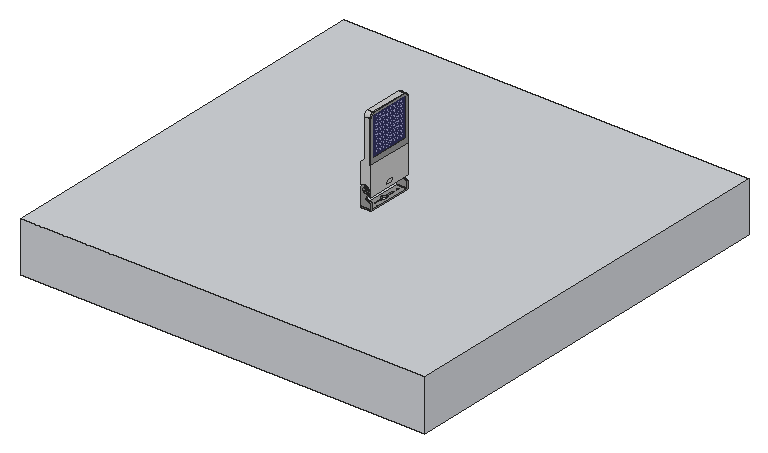
Revit family "LAMP_FLUT G2 STREET", category Modelos genéricos, Revit 2015
Parameters (values of type "8146LM 4000 ANTHRACITE")
  Weight = 7.86 kg
  Type = "HIGH POWER PHILIPS"
  Tilting angle [instance] = 90.00°
  Tilting [instance] = if(Tilting angle = 0.00°, 1.00°, if(Tilting angle > 120.00°, 120.00°, if(Tilting angle < -30.00°, 120.00°, if(Tilting angle < 0.00°, 90.00° - Tilting angle, Tilting angle))))  # 90.00°
  Protection rating = "IP66 / IK06"
  Product datasheet = "http://www.lamp.es/product-files/TECH/FL209ST740NA-EN.pdf"
  Product code = "FL209ST740NA"
  Product URL = "https://www.lamp.es/en/family/flut_33511"
  Power Supply = "220-240V 50-60Hz"
  Power = 59 W
  Plum = 64.3 W
  Photometric web file = Cuerpo Flut G2 - Street : 8146LM 4000 ANTHRACITE
  Modelo = Product code  # "FL209ST740NA"
  Material cuerpo = LAMP_Aluminio Cuerpo Flut GR
  Material Rótula = LAMP_Acero inoxidable AISI 304
  Manufacturer name = "LAMP"
  Manufacturer country = "Spain"
  Manufacturer URL = "http://www.lamp.es/en"
  MacAdam = "4"
  Luminaire type = "OUTDOOR - FLOODLIGHT"
  Last update = "22/08/2019"
  Lamp = "HIGH POWER LED"
  LED Lifetime = "50.000 L90 B10"
  Insulation class = "I"
  Installation instructions = "https://www.lamp.es/product-files/INS/1004710-A-INSTR.%20MINI%20FLUT%20G2.pdf"
  Initial intensity = 8146 lm
  Initial color = 4000 K
  IEE = "A++"
  Gear = "Electronic"
  Finish = "Textured anthracite grey"
  Fabricante = Manufacturer name  # "LAMP"
  Default Elevation = 1219.2 mm
  Efficacy = 126.7 lm/W
  Dimensions = "530 x 280 x 60"
  Descripción = "FLUT G2 9300 NW STREET ANT."
  CRI = "70"
  Model explanation = "Availability of tilting between 0º and -30º (or 120º) when placed in a project."
Types (6, lengths in mm): name | Weight | Product datasheet | Product code | Power | Plum | Photometric web file | Modelo | LED Lifetime | Initial intensity | Finish | Efficacy | Descripción
  8146LM 4000 ANTHRACITE | 7.86 kg | "http://www.lamp.es/product-files/TECH/FL209ST740NA-EN.pdf" | "FL209ST740NA" | 59 W | 64.3 W | Cuerpo Flut G2 - Street : 8146LM 4000 ANTHRACITE | "FL209ST740NA" | "50.000 L90 B10" | 8146 lm | "Textured anthracite grey" | 126.7 lm/W | "FLUT G2 9300 NW STREET ANT."
  8146LM 4000 GREY | 7.86 kg | "http://www.lamp.es/product-files/TECH/FL209ST740NG-EN.pdf" | "FL209ST740NG" | 59 W | 64.3 W | Cuerpo Flut G2 - Street : 8146LM 4000 GREY | "FL209ST740NG" | "50.000 L90 B10" | 8146 lm | "Texturised grey" | 126.7 lm/W | "FLUT G2 9300 NW STREET GR."
  12083LM 4000 ANTHRACITE | 7.944 kg | "http://www.lamp.es/product-files/TECH/FL214ST740NA-EN.pdf" | "FL214ST740NA" | 88 W | 97.1 W | Cuerpo Flut G2 - Street : 12083LM 4000 ANTHRACITE | "FL214ST740NA" | "80.000 L80 B10" | 12083 lm | "Textured anthracite grey" | 124.4 lm/W | "FLUT G2 14000 NW STREET ANT."
  12083LM 4000 GREY | 7.944 kg | "http://www.lamp.es/product-files/TECH/FL214ST740NG-EN.pdf" | "FL214ST740NG" | 88 W | 97.1 W | Cuerpo Flut G2 - Street : 12083LM 4000 GREY | "FL214ST740NG" | "80.000 L80 B10" | 12083 lm | "Texturised grey" | 124.4 lm/W | "FLUT G2 14000 NW STREET GR."
  16115LM 4000 ANTHRACITE | 8.094 kg | "http://www.lamp.es/product-files/TECH/FL219ST740NA-EN.pdf" | "FL219ST740NA" | 117 W | 125.1 W | Cuerpo Flut G2 - Street : 16115LM 4000 ANTHRACITE | "FL219ST740NA" | "75.000 L80 B10" | 16115 lm | "Textured anthracite grey" | 128.8 lm/W | "FLUT G2 18700 NW STREET ANT."
  16115LM 4000 GREY | 8.094 kg | "http://www.lamp.es/product-files/TECH/FL219ST740NG-EN.pdf" | "FL219ST740NG" | 117 W | 125.1 W | Cuerpo Flut G2 - Street : 16115LM 4000 GREY | "FL219ST740NG" | "75.000 L80 B10" | 16115 lm | "Texturised grey" | 128.8 lm/W | "FLUT G2 18700 NW STREET GR."
Reference planes
  plane 1 "Centro (Frontal/Posterior)": y = 0
  plane 2: z = 0
  plane 3 "Centro (Izquierda/Derecha)": x = 0
Forms (mm)
  Extrusion 1, solid
    sketch origin (0, 0, 0) x (1, 0, 0) y (0, 1, 0)
      loop
        line (-1219.2, 1219.2) -> (-1219.2, -1219.2) -> (1219.2, -1219.2) -> (1219.2, 1219.2) -> (-1219.2, 1219.2)
    from 0 to -304.8
  Extrusion 2, solid, material "LAMP_Acero inoxidable AISI 304" <- "Material Rótula"
    sketch origin (0, 0, 0) x (1, 0, 0) y (0, 0, 1)
      loop
        line (-30, 0) -> (30, 0) -> (30, 45) -> (1.853, 61.251)
        arc (1.853, 61.251) -> (1.387, 61.858) -> (1.487, 62.617) r 1
        line (1.487, 62.617) -> (19.324, 93.511)
        arc (19.324, 93.511) -> (1.898, 130.322) -> (-30, 105) r 26
        line (-30, 105) -> (-30, 0)
      loop
        arc (-4.884, 125.481) -> (-5.964, 124.952) -> (-6.308, 123.8) r 1.5
        line (-6.308, 123.8) -> (-5.758, 119.315)
        arc (-5.758, 119.315) -> (-5.252, 118.365) -> (-4.241, 117.998) r 1.5
        arc (-4.241, 117.998) -> (7.873, 110.294) -> (5.508, 96.134) r 13
        arc (5.508, 96.134) -> (5.105, 95.085) -> (5.544, 94.05) r 1.5
        line (5.544, 94.05) -> (8.727, 90.867)
        arc (8.727, 90.867) -> (9.808, 90.428) -> (10.877, 90.896) r 1.5
        arc (10.877, 90.896) -> (14.654, 113.501) -> (-4.884, 125.481) r 20.5
    from -140 to 140
  Extrusion 3, void
    sketch origin (0, 0, 0) x (0, 1, 0) y (0, 0, 1)
      loop
        line (-135, 131) -> (-135, 10)
        arc (-135, 10) -> (-133.536, 6.464) -> (-130, 5) r 5
        line (-130, 5) -> (130, 5)
        arc (130, 5) -> (133.536, 6.464) -> (135, 10) r 5
        line (135, 10) -> (135, 131) -> (-135, 131)
      loop
        arc (140, 10) -> (137.071, 2.929) -> (130, 0) r 10
        line (130, 0) -> (130, -5) -> (145, -5) -> (145, 10) -> (140, 10)
      loop
        line (-140, 10) -> (-145, 10) -> (-145, -5) -> (-130, -5) -> (-130, 0)
        arc (-130, 0) -> (-137.071, 2.929) -> (-140, 10) r 10
    from -30 to 30
  Blend 4, void
    base sketch origin (0, 0, 0) x (1, 0, 0) y (0, 0, 1)
      loop
        circle (-4, 105) r 6.25
    top sketch origin (0, 0, 0) x (1, 0, 0) y (0, 0, 1)
      loop
        circle (-4, 105) r 11.2
    from 135 to 140
  Blend 5, void
    base sketch origin (0, 0, 0) x (1, 0, 0) y (0, 0, -1)
      loop
        circle (-4, -105) r 6.25
    top sketch origin (0, 0, 0) x (1, 0, 0) y (0, 0, -1)
      loop
        circle (-4, -105) r 11.2
    from 135 to 140
  Extrusion 6, void
    sketch origin (0, 0, 0) x (1, 0, 0) y (0, 1, 0)
      loop
        circle (0, 0) r 17.5
      loop
        line (-5.15, 63) -> (-5.15, 27)
        arc (-5.15, 27) -> (0, 21.85) -> (5.15, 27) r 5.15
        line (5.15, 27) -> (5.15, 63)
        arc (5.15, 63) -> (0, 68.15) -> (-5.15, 63) r 5.15
      loop
        circle (0, 101.575) r 5.25
      loop
        arc (-5.15, -63) -> (0, -68.15) -> (5.15, -63) r 5.15
        line (5.15, -63) -> (5.15, -27)
        arc (5.15, -27) -> (0, -21.85) -> (-5.15, -27) r 5.15
        line (-5.15, -27) -> (-5.15, -63)
      loop
        arc (19.312, -82.163) -> (0, -83.175) -> (-19.312, -82.163) r 184.75
        arc (-19.312, -82.163) -> (-25.082, -86.835) -> (-20.409, -92.605) r 5.25
        arc (-20.409, -92.605) -> (0, -93.675) -> (20.409, -92.605) r 195.25
        arc (20.409, -92.605) -> (25.082, -86.835) -> (19.312, -82.163) r 5.25
    from 0 to 5
Cuts and joins
  Extrusion 3, Blend 4, Blend 5, Extrusion 6 cuts Extrusion 2
Text (mm)
  text "Any modification of the parameters and properties of the LAMP BIM models must be executed and validated by the LAMP technical department.\n\nPhone: +34 93 736 68 00\n\nE-mail: lamp@lamp.es\n\n\n\nLAMP reserves the right to modify the technical specifications of its products." at (-19296.736, 16165.37, -8603.565), in view "Preview"
Dimensions and locks
  aligned and locked: plane 2 to Extrusion 1
  aligned and locked: level to Extrusion 1
Nested families
  nested 1: "Cuerpo Flut G2 - Street" at (-3.964, 0, -1395.002) x (-1, 0, 0) z (0, 0, 1), type <- "Photometric web file", type "8146LM 4000 ANTHRACITE"
Connectors
  electrical at (0, 0, 5)
    settings: on cut or joined group of Extrusion 2, Extrusion 3, Blend 4, Blend 5, Extrusion 6, index 1, voltage 230 V, apparent load 0 VA, apparent load phase1 0 VA, apparent load phase2 0 VA, apparent load phase3 0 VA, power factor 1, load classification "Otro", number of poles 1, system type 31, power factor state 1, is connector primary yes, connector utility no, sub classification motor no, connector description ""
Definition of nested family "Cuerpo Flut G2 - Street"
  Parameters (values of type "8146LM 4000 ANTHRACITE")
    Tilt Angle = Tilting - 90.00°  # 0.00°
    Wattage = 64.3 W
    Tilting = 90.00°
    built-in parameter 1150107 = 4000 (stored number, unit not read)
    built-in parameter 1150110 = 1 (stored number, unit not read)
    built-in parameter 1150109 = 1 (stored number, unit not read)
    built-in parameter 1150112 = 1 (stored number, unit not read)
    built-in parameter 1150113 = 1 (stored number, unit not read)
    built-in parameter 1114218 = 1 (stored number, unit not read)
    built-in parameter 1150137 = (empty or 0)
    built-in parameter 1150132 = 2
    Material Opticas = none
    Material Cristal Transparente = none
    Material Cuerpo = none
    Material Cristal Serigrafiado = none
    built-in parameter 1150105 = 6963 (stored number, unit not read)
    built-in parameter 1150102 = (empty or 0)
    built-in parameter 1150106 = 69.63 (stored number, unit not read)
    Lumens = 8146.81 lm
    Color Filter = 16777215
    built-in parameter 1114217 = 1 (stored number, unit not read)
    built-in parameter 1150139 = (empty or 0)
    built-in parameter 1150104 = 11.771 (stored number, unit not read)
    built-in parameter 1150115 = 1 (stored number, unit not read)
    built-in parameter 1150114 = 1 (stored number, unit not read)
    built-in parameter 1150138 = (empty or 0)
    built-in parameter 1150134 = 12
    Dimming Lamp Color Temperature Shift = (empty or 0)
    Photometric Web File = "FL209ST740NA_180.IES"
    built-in parameter 1150133 = 10 (stored number, unit not read)
  Types (6, lengths in mm): name | Wattage | built-in parameter 1150105 | built-in parameter 1150106 | Lumens | built-in parameter 1150104 | Photometric Web File
    8146LM 4000 ANTHRACITE | 64.3 W | 6963 (stored number, unit not read) | 69.63 (stored number, unit not read) | 8146.81 lm | 11.771 (stored number, unit not read) | "FL209ST740NA_180.IES"
    8146LM 4000 GREY | 64.3 W | 6963 (stored number, unit not read) | 69.63 (stored number, unit not read) | 8146.81 lm | 11.771 (stored number, unit not read) | "FL209ST740NG_180.IES"
    12083LM 4000 ANTHRACITE | 97.1 W | 9735.7 (stored number, unit not read) | 97.357 (stored number, unit not read) | 12079.2 lm | 11.557 (stored number, unit not read) | "FL214ST740NA_180.IES"
    12083LM 4000 GREY | 97.1 W | 9735.7 (stored number, unit not read) | 97.357 (stored number, unit not read) | 12079.2 lm | 11.557 (stored number, unit not read) | "FL214ST740NG_180.IES"
    16115LM 4000 ANTHRACITE | 125.1 W | 12986.7 (stored number, unit not read) | 129.87 (stored number, unit not read) | 16112.9 lm | 11.966 (stored number, unit not read) | "FL219ST740NA_180.IES"
    16115LM 4000 GREY | 125.1 W | 12986.7 (stored number, unit not read) | 129.87 (stored number, unit not read) | 16112.9 lm | 11.966 (stored number, unit not read) | "FL219ST740NG_180.IES"
  Reference planes
    plane 1 "Eje de origen de luz (F/P)": y = 0
    plane 2: z = 0
    plane 3 "Eje de origen de luz (I/D)": x = 0
    plane 4 "Elevación de origen de luz": z = 1500
  Forms (mm)
    Extrusion 1, solid, material <- "Material Cuerpo"
      sketch origin (0, 0, 1500) x (0, 0, 1) y (1, 0, 0)
        loop
          line (421.8, -33.4) -> (421.8, 3.6) -> (169.604, 3.6) -> (146.604, 26.6) -> (-26.4, 26.6) -> (-26.4, -33.4) -> (421.8, -33.4)
      from -140 to 140
    Extrusion 2, void
      sketch origin (0, 0, 1500) x (0, 0, -1) y (1, 0, 0)
        loop
          line (26.4, -26.5) -> (26.4, 26.6) -> (-26.6, 26.6) -> (-26.6, 3.6)
          arc (-26.6, 3.6) -> (-19.155, -17.548) -> (1.4, -26.5) r 28.073
          line (1.4, -26.5) -> (26.4, -26.5)
      from -140 to -130
    Extrusion 3, void
      sketch origin (0, 0, 1500) x (0, 0, -1) y (-1, 0, 0)
        loop
          line (26.4, 26.5) -> (1.4, 26.5)
          arc (1.4, 26.5) -> (-19.155, 17.548) -> (-26.6, -3.6) r 28.073
          line (-26.6, -3.6) -> (-26.6, -26.6) -> (26.4, -26.6) -> (26.4, 26.5)
      from -140 to -130
    Extrusion 4, void
      sketch origin (0, 0, 1500) x (0, 0, -1) y (0, 1, 0)
        loop
          arc (-33.6, -138) -> (-30.064, -136.536) -> (-28.6, -133) r 5
          line (-28.6, -133) -> (-28.6, -128) -> (19.4, -128)
          arc (19.4, -128) -> (22.936, -126.536) -> (24.4, -123) r 5
          line (24.4, -123) -> (24.4, 123)
          arc (24.4, 123) -> (22.936, 126.536) -> (19.4, 128) r 5
          line (19.4, 128) -> (-28.6, 128) -> (-28.6, 133)
          arc (-28.6, 133) -> (-30.064, 136.536) -> (-33.6, 138) r 5
          line (-33.6, 138) -> (-139.604, 138)
          arc (-139.604, 138) -> (-143.14, 136.536) -> (-144.604, 133) r 5
          line (-144.604, 133) -> (-144.604, -133)
          arc (-144.604, -133) -> (-143.14, -136.536) -> (-139.604, -138) r 5
          line (-139.604, -138) -> (-33.6, -138)
        loop
          arc (22.9, 121.5) -> (21.436, 125.036) -> (17.9, 126.5) r 5
          line (17.9, 126.5) -> (-30.1, 126.5) -> (-30.1, 131.5)
          arc (-30.1, 131.5) -> (-31.564, 135.036) -> (-35.1, 136.5) r 5
          line (-35.1, 136.5) -> (-138.104, 136.5)
          arc (-138.104, 136.5) -> (-141.64, 135.036) -> (-143.104, 131.5) r 5
          line (-143.104, 131.5) -> (-143.104, -131.5)
          arc (-143.104, -131.5) -> (-141.64, -135.036) -> (-138.104, -136.5) r 5
          line (-138.104, -136.5) -> (-35.1, -136.5)
          arc (-35.1, -136.5) -> (-31.564, -135.036) -> (-30.1, -131.5) r 5
          line (-30.1, -131.5) -> (-30.1, -126.5) -> (17.9, -126.5)
          arc (17.9, -126.5) -> (21.436, -125.036) -> (22.9, -121.5) r 5
          line (22.9, -121.5) -> (22.9, 121.5)
      from 22.1 to 26.6
    Extrusion 5, void
      sketch origin (0, 0, 1500) x (0, 0, -1) y (0, 1, 0)
        loop
          arc (-396.8, -140) -> (-414.478, -132.678) -> (-421.8, -115) r 25
          line (-421.8, -115) -> (-431.8, -115) -> (-431.8, -150) -> (-396.8, -150) -> (-396.8, -140)
        loop
          line (-396.8, 140) -> (-396.8, 150) -> (-431.8, 150) -> (-431.8, 115) -> (-421.8, 115)
          arc (-421.8, 115) -> (-414.478, 132.678) -> (-396.8, 140) r 25
      from -34 to 4
    Extrusion 6, solid, material <- "Material Cristal Serigrafiado"
      sketch origin (0, 0, 1500) x (0, 0, 1) y (1, 0, 0)
        loop
          line (148, -33.4) -> (420.5, -33.4) -> (420.5, -29.3) -> (148, -29.3) -> (148, -33.4)
      from -137.3 to 137.3
    Extrusion 7, void
      sketch origin (0, 0, 1500) x (0, 0, -1) y (0, 1, 0)
        loop
          arc (-398, -137.3) -> (-413.91, -130.71) -> (-420.5, -114.8) r 22.5
          line (-420.5, -114.8) -> (-430.5, -114.8) -> (-430.5, -147.3) -> (-398, -147.3) -> (-398, -137.3)
        loop
          line (-398, 137.3) -> (-398, 147.3) -> (-430.5, 147.3) -> (-430.5, 114.8) -> (-420.5, 114.8)
          arc (-420.5, 114.8) -> (-413.91, 130.71) -> (-398, 137.3) r 22.5
      from -33.4 to -29.3
    Extrusion 8, solid, material <- "Material Cristal Transparente"
      sketch origin (0, 0, 1500) x (0, 0, 1) y (1, 0, 0)
        loop
          line (176, -29.3) -> (176, -33.4) -> (408.5, -33.4) -> (408.5, -29.3) -> (176, -29.3)
      from -125.3 to 125.3
    Extrusion 9, void
      sketch origin (0, 0, 1500) x (0, 0, -1) y (0, 1, 0)
        loop
          arc (-186, 125.3) -> (-178.929, 122.371) -> (-176, 115.3) r 10
          line (-176, 115.3) -> (-176, 125.3) -> (-186, 125.3)
        loop
          line (-186, -125.3) -> (-176, -125.3) -> (-176, -115.3)
          arc (-176, -115.3) -> (-178.929, -122.371) -> (-186, -125.3) r 10
        loop
          line (-398.5, 125.3) -> (-408.5, 125.3) -> (-408.5, 115.3)
          arc (-408.5, 115.3) -> (-405.571, 122.371) -> (-398.5, 125.3) r 10
        loop
          arc (-398.5, -125.3) -> (-405.571, -122.371) -> (-408.5, -115.3) r 10
          line (-408.5, -115.3) -> (-408.5, -125.3) -> (-398.5, -125.3)
      from -33.4 to -29.3
    Extrusion 10, solid, material <- "Material Opticas"
      sketch origin (-265.527, 0, 1510.175) x (0, 0, 1) y (1, 0, 0)
        loop
          line (175.175, 236.227) -> (388.975, 236.227) -> (388.975, 252.227) -> (175.175, 252.227) -> (175.175, 236.227)
      from -106.9 to 106.9
    Extrusion 11, void
      sketch origin (0, 0, 1511.075) x (0, 0, -1) y (0, 1, 0)
        loop
          line (-361.575, -105.1) -> (-361.575, -80.4) -> (-386.275, -80.4) -> (-386.275, -105.1) -> (-361.575, -105.1)
        loop
          line (-386.275, -78.6) -> (-361.575, -78.6) -> (-361.575, -53.9) -> (-386.275, -53.9) -> (-386.275, -78.6)
        loop
          line (-361.575, -52.1) -> (-361.575, -27.4) -> (-386.275, -27.4) -> (-386.275, -52.1) -> (-361.575, -52.1)
        loop
          line (-386.275, -25.6) -> (-361.575, -25.6) -> (-361.575, -0.9) -> (-386.275, -0.9) -> (-386.275, -25.6)
        loop
          line (-361.575, 0.9) -> (-361.575, 25.6) -> (-386.275, 25.6) -> (-386.275, 0.9) -> (-361.575, 0.9)
        loop
          line (-386.275, 27.4) -> (-361.575, 27.4) -> (-361.575, 52.1) -> (-386.275, 52.1) -> (-386.275, 27.4)
        loop
          line (-361.575, 53.9) -> (-361.575, 78.6) -> (-386.275, 78.6) -> (-386.275, 53.9) -> (-361.575, 53.9)
        loop
          line (-386.275, 80.4) -> (-361.575, 80.4) -> (-361.575, 105.1) -> (-386.275, 105.1) -> (-386.275, 80.4)
        loop
          line (-176.075, -105.1) -> (-176.075, -80.4) -> (-200.775, -80.4) -> (-200.775, -105.1) -> (-176.075, -105.1)
        loop
          line (-200.775, -78.6) -> (-176.075, -78.6) -> (-176.075, -53.9) -> (-200.775, -53.9) -> (-200.775, -78.6)
        loop
          line (-176.075, -52.1) -> (-176.075, -27.4) -> (-200.775, -27.4) -> (-200.775, -52.1) -> (-176.075, -52.1)
        loop
          line (-200.775, -25.6) -> (-176.075, -25.6) -> (-176.075, -0.9) -> (-200.775, -0.9) -> (-200.775, -25.6)
        loop
          line (-176.075, 0.9) -> (-176.075, 25.6) -> (-200.775, 25.6) -> (-200.775, 0.9) -> (-176.075, 0.9)
        loop
          line (-200.775, 27.4) -> (-176.075, 27.4) -> (-176.075, 52.1) -> (-200.775, 52.1) -> (-200.775, 27.4)
        loop
          line (-176.075, 53.9) -> (-176.075, 78.6) -> (-200.775, 78.6) -> (-200.775, 53.9) -> (-176.075, 53.9)
        loop
          line (-200.775, 80.4) -> (-176.075, 80.4) -> (-176.075, 105.1) -> (-200.775, 105.1) -> (-200.775, 80.4)
        loop
          line (-202.575, -105.1) -> (-202.575, -80.4) -> (-227.275, -80.4) -> (-227.275, -105.1) -> (-202.575, -105.1)
        loop
          line (-227.275, -78.6) -> (-202.575, -78.6) -> (-202.575, -53.9) -> (-227.275, -53.9) -> (-227.275, -78.6)
        loop
          line (-202.575, -52.1) -> (-202.575, -27.4) -> (-227.275, -27.4) -> (-227.275, -52.1) -> (-202.575, -52.1)
        loop
          line (-227.275, -25.6) -> (-202.575, -25.6) -> (-202.575, -0.9) -> (-227.275, -0.9) -> (-227.275, -25.6)
        loop
          line (-202.575, 0.9) -> (-202.575, 25.6) -> (-227.275, 25.6) -> (-227.275, 0.9) -> (-202.575, 0.9)
        loop
          line (-227.275, 27.4) -> (-202.575, 27.4) -> (-202.575, 52.1) -> (-227.275, 52.1) -> (-227.275, 27.4)
        loop
          line (-202.575, 53.9) -> (-202.575, 78.6) -> (-227.275, 78.6) -> (-227.275, 53.9) -> (-202.575, 53.9)
        loop
          line (-227.275, 80.4) -> (-202.575, 80.4) -> (-202.575, 105.1) -> (-227.275, 105.1) -> (-227.275, 80.4)
        loop
          line (-229.075, -105.1) -> (-229.075, -80.4) -> (-253.775, -80.4) -> (-253.775, -105.1) -> (-229.075, -105.1)
        loop
          line (-253.775, -78.6) -> (-229.075, -78.6) -> (-229.075, -53.9) -> (-253.775, -53.9) -> (-253.775, -78.6)
        loop
          line (-229.075, -52.1) -> (-229.075, -27.4) -> (-253.775, -27.4) -> (-253.775, -52.1) -> (-229.075, -52.1)
        loop
          line (-253.775, -25.6) -> (-229.075, -25.6) -> (-229.075, -0.9) -> (-253.775, -0.9) -> (-253.775, -25.6)
        loop
          line (-229.075, 0.9) -> (-229.075, 25.6) -> (-253.775, 25.6) -> (-253.775, 0.9) -> (-229.075, 0.9)
        loop
          line (-253.775, 27.4) -> (-229.075, 27.4) -> (-229.075, 52.1) -> (-253.775, 52.1) -> (-253.775, 27.4)
        loop
          line (-229.075, 53.9) -> (-229.075, 78.6) -> (-253.775, 78.6) -> (-253.775, 53.9) -> (-229.075, 53.9)
        loop
          line (-253.775, 80.4) -> (-229.075, 80.4) -> (-229.075, 105.1) -> (-253.775, 105.1) -> (-253.775, 80.4)
        loop
          line (-255.575, -105.1) -> (-255.575, -80.4) -> (-280.275, -80.4) -> (-280.275, -105.1) -> (-255.575, -105.1)
        loop
          line (-280.275, -78.6) -> (-255.575, -78.6) -> (-255.575, -53.9) -> (-280.275, -53.9) -> (-280.275, -78.6)
        loop
          line (-255.575, -52.1) -> (-255.575, -27.4) -> (-280.275, -27.4) -> (-280.275, -52.1) -> (-255.575, -52.1)
        loop
          line (-280.275, -25.6) -> (-255.575, -25.6) -> (-255.575, -0.9) -> (-280.275, -0.9) -> (-280.275, -25.6)
        loop
          line (-255.575, 0.9) -> (-255.575, 25.6) -> (-280.275, 25.6) -> (-280.275, 0.9) -> (-255.575, 0.9)
        loop
          line (-280.275, 27.4) -> (-255.575, 27.4) -> (-255.575, 52.1) -> (-280.275, 52.1) -> (-280.275, 27.4)
        loop
          line (-255.575, 53.9) -> (-255.575, 78.6) -> (-280.275, 78.6) -> (-280.275, 53.9) -> (-255.575, 53.9)
        loop
          line (-280.275, 80.4) -> (-255.575, 80.4) -> (-255.575, 105.1) -> (-280.275, 105.1) -> (-280.275, 80.4)
        loop
          line (-282.075, -105.1) -> (-282.075, -80.4) -> (-306.775, -80.4) -> (-306.775, -105.1) -> (-282.075, -105.1)
        loop
          line (-306.775, -78.6) -> (-282.075, -78.6) -> (-282.075, -53.9) -> (-306.775, -53.9) -> (-306.775, -78.6)
        loop
          line (-282.075, -52.1) -> (-282.075, -27.4) -> (-306.775, -27.4) -> (-306.775, -52.1) -> (-282.075, -52.1)
        loop
          line (-306.775, -25.6) -> (-282.075, -25.6) -> (-282.075, -0.9) -> (-306.775, -0.9) -> (-306.775, -25.6)
        loop
          line (-282.075, 0.9) -> (-282.075, 25.6) -> (-306.775, 25.6) -> (-306.775, 0.9) -> (-282.075, 0.9)
        loop
          line (-306.775, 27.4) -> (-282.075, 27.4) -> (-282.075, 52.1) -> (-306.775, 52.1) -> (-306.775, 27.4)
        loop
          line (-282.075, 53.9) -> (-282.075, 78.6) -> (-306.775, 78.6) -> (-306.775, 53.9) -> (-282.075, 53.9)
        loop
          line (-306.775, 80.4) -> (-282.075, 80.4) -> (-282.075, 105.1) -> (-306.775, 105.1) -> (-306.775, 80.4)
        loop
          line (-308.575, -105.1) -> (-308.575, -80.4) -> (-333.275, -80.4) -> (-333.275, -105.1) -> (-308.575, -105.1)
        loop
          line (-333.275, -78.6) -> (-308.575, -78.6) -> (-308.575, -53.9) -> (-333.275, -53.9) -> (-333.275, -78.6)
        loop
          line (-308.575, -52.1) -> (-308.575, -27.4) -> (-333.275, -27.4) -> (-333.275, -52.1) -> (-308.575, -52.1)
        loop
          line (-333.275, -25.6) -> (-308.575, -25.6) -> (-308.575, -0.9) -> (-333.275, -0.9) -> (-333.275, -25.6)
        loop
          line (-308.575, 0.9) -> (-308.575, 25.6) -> (-333.275, 25.6) -> (-333.275, 0.9) -> (-308.575, 0.9)
        loop
          line (-333.275, 27.4) -> (-308.575, 27.4) -> (-308.575, 52.1) -> (-333.275, 52.1) -> (-333.275, 27.4)
        loop
          line (-308.575, 53.9) -> (-308.575, 78.6) -> (-333.275, 78.6) -> (-333.275, 53.9) -> (-308.575, 53.9)
        loop
          line (-333.275, 80.4) -> (-308.575, 80.4) -> (-308.575, 105.1) -> (-333.275, 105.1) -> (-333.275, 80.4)
        loop
          line (-335.075, -105.1) -> (-335.075, -80.4) -> (-359.775, -80.4) -> (-359.775, -105.1) -> (-335.075, -105.1)
        loop
          line (-359.775, -78.6) -> (-335.075, -78.6) -> (-335.075, -53.9) -> (-359.775, -53.9) -> (-359.775, -78.6)
        loop
          line (-335.075, -52.1) -> (-335.075, -27.4) -> (-359.775, -27.4) -> (-359.775, -52.1) -> (-335.075, -52.1)
        loop
          line (-359.775, -25.6) -> (-335.075, -25.6) -> (-335.075, -0.9) -> (-359.775, -0.9) -> (-359.775, -25.6)
        loop
          line (-335.075, 0.9) -> (-335.075, 25.6) -> (-359.775, 25.6) -> (-359.775, 0.9) -> (-335.075, 0.9)
        loop
          line (-359.775, 27.4) -> (-335.075, 27.4) -> (-335.075, 52.1) -> (-359.775, 52.1) -> (-359.775, 27.4)
        loop
          line (-335.075, 53.9) -> (-335.075, 78.6) -> (-359.775, 78.6) -> (-359.775, 53.9) -> (-335.075, 53.9)
        loop
          line (-359.775, 80.4) -> (-335.075, 80.4) -> (-335.075, 105.1) -> (-359.775, 105.1) -> (-359.775, 80.4)
      from -33.4 to 3.6
    Extrusion 12, void
      sketch origin (0, 0, 1500) x (0, 0, -1) y (0, 1, 0)
        loop
          arc (-408.5, -115.3) -> (-405.571, -122.371) -> (-398.5, -125.3) r 10
          line (-398.5, -125.3) -> (-186, -125.3)
          arc (-186, -125.3) -> (-178.929, -122.371) -> (-176, -115.3) r 10
          line (-176, -115.3) -> (-176, 115.3)
          arc (-176, 115.3) -> (-178.929, 122.371) -> (-186, 125.3) r 10
          line (-186, 125.3) -> (-398.5, 125.3)
          arc (-398.5, 125.3) -> (-405.571, 122.371) -> (-408.5, 115.3) r 10
          line (-408.5, 115.3) -> (-408.5, -115.3)
      from -33.4 to 0
    Extrusion 13, void
      sketch origin (0, -368.506, 1431.664) x (0, 0, -1) y (0, 1, 0)
        loop
          line (-467.486, 263.606) -> (-469.486, 263.606) -> (-469.486, 259.606) -> (-465.486, 259.606) -> (-465.486, 261.606)
          arc (-465.486, 261.606) -> (-466.9, 262.192) -> (-467.486, 263.606) r 2
        loop
          arc (-467.486, 473.406) -> (-466.9, 474.821) -> (-465.486, 475.406) r 2
          line (-465.486, 475.406) -> (-465.486, 477.406) -> (-469.486, 477.406) -> (-469.486, 473.406) -> (-467.486, 473.406)
        loop
          arc (-253.686, 263.606) -> (-254.272, 262.192) -> (-255.686, 261.606) r 2
          line (-255.686, 261.606) -> (-255.686, 259.606) -> (-251.686, 259.606) -> (-251.686, 263.606) -> (-253.686, 263.606)
        loop
          line (-253.686, 473.406) -> (-251.686, 473.406) -> (-251.686, 477.406) -> (-255.686, 477.406) -> (-255.686, 475.406)
          arc (-255.686, 475.406) -> (-254.272, 474.821) -> (-253.686, 473.406) r 2
      from -33.4 to 3.6
    Extrusion 14, void
      sketch origin (0, 0, 1500) x (0, 0, -1) y (0, -1, 0)
        loop
          arc (-420.5, -114.8) -> (-413.91, -130.71) -> (-398, -137.3) r 22.5
          line (-398, -137.3) -> (-148, -137.3) -> (-148, 137.3) -> (-398, 137.3)
          arc (-398, 137.3) -> (-413.91, 130.71) -> (-420.5, 114.8) r 22.5
          line (-420.5, 114.8) -> (-420.5, -114.8)
        loop
          arc (-408.5, -115.3) -> (-405.571, -122.371) -> (-398.5, -125.3) r 10
          line (-398.5, -125.3) -> (-186, -125.3)
          arc (-186, -125.3) -> (-178.929, -122.371) -> (-176, -115.3) r 10
          line (-176, -115.3) -> (-176, 115.3)
          arc (-176, 115.3) -> (-178.929, 122.371) -> (-186, 125.3) r 10
          line (-186, 125.3) -> (-398.5, 125.3)
          arc (-398.5, 125.3) -> (-405.571, 122.371) -> (-408.5, 115.3) r 10
          line (-408.5, 115.3) -> (-408.5, -115.3)
      from 34 to 29.3
    Extrusion 15, solid, material <- "Material Cuerpo"
      sketch origin (0, 0, 1500) x (0, 0, 1) y (0, -1, 0)
        loop
          line (-4.959, -18.37) -> (7.634, -18.37)
          arc (7.634, -18.37) -> (8.372, -17.632) -> (7.634, -16.895) r 0.738
          line (7.634, -16.895) -> (-3.514, -16.895)
          arc (-3.514, -16.895) -> (-3.978, -16.703) -> (-4.17, -16.239) r 0.656
          line (-4.17, -16.239) -> (-4.17, -14.696)
          arc (-4.17, -14.696) -> (-4.042, -14.296) -> (-3.706, -14.045) r 0.688
          line (-3.706, -14.045) -> (7.531, -10.181)
          arc (7.531, -10.181) -> (8.474, -8.86) -> (7.531, -7.539) r 1.397
          line (7.531, -7.539) -> (-3.236, -3.836)
          arc (-3.236, -3.836) -> (-3.795, -2.896) -> (-2.96, -2.189) r 0.847
          line (-2.96, -2.189) -> (6.935, -2.189)
          arc (6.935, -2.189) -> (8.423, -1.119) -> (7.881, 0.632) r 1.569
          line (7.881, 0.632) -> (5.526, 2.986) -> (7.881, 5.34)
          arc (7.881, 5.34) -> (8.423, 7.091) -> (6.935, 8.161) r 1.569
          line (6.935, 8.161) -> (-3.488, 8.161)
          arc (-3.488, 8.161) -> (-3.97, 8.361) -> (-4.17, 8.843) r 0.682
          line (-4.17, 8.843) -> (-4.17, 10.36)
          arc (-4.17, 10.36) -> (-3.969, 10.845) -> (-3.484, 11.046) r 0.686
          line (-3.484, 11.046) -> (7.608, 11.046)
          arc (7.608, 11.046) -> (8.093, 11.247) -> (8.293, 11.732) r 0.685
          line (8.293, 11.732) -> (8.293, 17.729)
          arc (8.293, 17.729) -> (8.09, 18.22) -> (7.599, 18.423) r 0.694
          line (7.599, 18.423) -> (2.315, 18.423)
          arc (2.315, 18.423) -> (1.848, 18.23) -> (1.654, 17.762) r 0.661
          line (1.654, 17.762) -> (1.654, 13.432)
          arc (1.654, 13.432) -> (2.392, 12.694) -> (3.129, 13.432) r 0.738
          line (3.129, 13.432) -> (3.129, 16.27)
          arc (3.129, 16.27) -> (3.328, 16.749) -> (3.807, 16.948) r 0.678
          line (3.807, 16.948) -> (6.136, 16.948)
          arc (6.136, 16.948) -> (6.618, 16.748) -> (6.818, 16.266) r 0.682
          line (6.818, 16.266) -> (6.818, 13.184)
          arc (6.818, 13.184) -> (6.624, 12.716) -> (6.156, 12.522) r 0.662
          line (6.156, 12.522) -> (-4.941, 12.522)
          arc (-4.941, 12.522) -> (-5.425, 12.321) -> (-5.626, 11.836) r 0.685
          line (-5.626, 11.836) -> (-5.626, 7.293)
          arc (-5.626, 7.293) -> (-5.441, 6.845) -> (-4.993, 6.66) r 0.633
          line (-4.993, 6.66) -> (6.724, 6.66) -> (3.05, 2.986) -> (6.724, -0.688) -> (-4.881, -0.688)
          arc (-4.881, -0.688) -> (-5.342, -0.879) -> (-5.533, -1.34) r 0.652
          line (-5.533, -1.34) -> (-5.533, -4.266)
          arc (-5.533, -4.266) -> (-5.412, -4.644) -> (-5.094, -4.881) r 0.651
          line (-5.094, -4.881) -> (6.65, -8.922) -> (-5.158, -12.985)
          arc (-5.158, -12.985) -> (-5.497, -13.238) -> (-5.626, -13.641) r 0.693
          line (-5.626, -13.641) -> (-5.626, -17.703)
          arc (-5.626, -17.703) -> (-5.431, -18.175) -> (-4.959, -18.37) r 0.667
      from -34.4 to -33.4
  Cuts and joins
    Extrusion 2, Extrusion 3, Extrusion 4, Extrusion 5, Extrusion 12, Extrusion 14 cuts Extrusion 1
    Extrusion 7, Extrusion 11, Extrusion 12 cuts Extrusion 6
    Extrusion 9, Extrusion 14 cuts Extrusion 8
    Extrusion 11, Extrusion 13 cuts Extrusion 10
  Lines and regions (mm)
    reference lines
      curve 1: line (0, 0, 1500) -> (0, 0, 2280)
      curve 2: line (-60, 0, 1784.25) -> (0, 0, 1784.25)
  Dimensions and locks
    "Tilting": angle plane 4 "Elevación de origen de luz" to curve 1
    aligned and locked: level to plane 2
    aligned and locked: plane 3 "Eje de origen de luz (I/D)" to curve 1
    aligned and locked: plane 4 "Elevación de origen de luz" to curve 1
    aligned and locked: imposter light to curve 2  (x2)
  Automatic sketch dimensions
    Extrusion 1 sketch curve to curve 1 = 26.4 mm
    Extrusion 1 sketch curve to curve 1 = 26.6 mm
    curve 1 to Extrusion 1 sketch curve = 146.604 mm
    Extrusion 1 sketch curve to curve 1 = 3.6 mm
    Extrusion 1 sketch curve to Extrusion 1 sketch curve = 23 mm
    Extrusion 1 sketch curve to Extrusion 1 sketch curve = 252.196 mm
    curve 1 to Extrusion 1 sketch curve = 33.4 mm
    Extrusion 2 sketch curve to curve 1 = 26.6 mm
    curve 1 to Extrusion 2 sketch curve = 1.4 mm
    Extrusion 2 sketch curve to Extrusion 2 sketch curve = 25 mm
    Extrusion 2 sketch curve to curve 1 = 26.5 mm
    curve 1 to Extrusion 2 sketch curve = 1.573 mm
    curve 1 to Extrusion 2 sketch curve = 26.6 mm
    Extrusion 3 sketch curve to curve 1 = 26.6 mm  (x2)
    curve 1 to Extrusion 3 sketch curve = 1.4 mm
    Extrusion 3 sketch curve to Extrusion 3 sketch curve = 25 mm
    Extrusion 3 sketch curve to curve 1 = 3.6 mm
    Extrusion 3 sketch curve to curve 1 = 1.573 mm
    Extrusion 4 sketch curve to curve 1 = 144.604 mm
    Extrusion 4 sketch curve to Extrusion 4 sketch curve = 1.5 mm  (x14)
    Extrusion 4 sketch curve to Extrusion 4 sketch curve = 5 mm  (x3)
    Extrusion 4 sketch curve to curve 1 = 35.1 mm  (x2)
    Extrusion 4 sketch curve to Extrusion 4 sketch curve = 3.5 mm  (x4)
    curve 1 to Extrusion 4 sketch curve = 17.9 mm  (x2)
    Extrusion 4 sketch curve to curve 1 = 138 mm
    curve 1 to Extrusion 4 sketch curve = 121.5 mm
    curve 1 to Extrusion 5 sketch curve = 150 mm
    curve 1 to Extrusion 5 sketch curve = 348.2 mm
    Extrusion 5 sketch curve to Extrusion 5 sketch curve = 0 mm
    Extrusion 5 sketch curve to Extrusion 5 sketch curve = 10 mm  (x3)
    Extrusion 5 sketch curve to Extrusion 5 sketch curve = 35 mm  (x2)
    Extrusion 5 sketch curve to Extrusion 5 sketch curve = 25 mm
    Extrusion 5 sketch curve to curve 1 = 115 mm
    curve 1 to Extrusion 6 sketch curve = 29.3 mm
    curve 1 to Extrusion 6 sketch curve = 148 mm
    curve 1 to Extrusion 6 sketch curve = 33.4 mm
    Extrusion 6 sketch curve to Extrusion 6 sketch curve = 272.5 mm
    curve 1 to Extrusion 7 sketch curve = 147.3 mm
    curve 1 to Extrusion 7 sketch curve = 349.5 mm
    Extrusion 7 sketch curve to Extrusion 7 sketch curve = 0 mm
    Extrusion 7 sketch curve to Extrusion 7 sketch curve = 10 mm  (x4)
    Extrusion 7 sketch curve to Extrusion 7 sketch curve = 22.5 mm  (x2)
    Extrusion 7 sketch curve to curve 1 = 114.8 mm
    curve 1 to Extrusion 8 sketch curve = 33.4 mm
    curve 1 to Extrusion 8 sketch curve = 176 mm
    curve 1 to Extrusion 8 sketch curve = 29.3 mm
    Extrusion 8 sketch curve to Extrusion 8 sketch curve = 232.5 mm
    Extrusion 9 sketch curve to curve 1 = 115.3 mm
    curve 1 to Extrusion 9 sketch curve = 371.5 mm
    curve 1 to Extrusion 9 sketch curve = 125.3 mm
    Extrusion 9 sketch curve to Extrusion 9 sketch curve = 0 mm
    Extrusion 9 sketch curve to Extrusion 9 sketch curve = 10 mm  (x4)
    Extrusion 9 sketch curve to curve 1 = 186 mm  (x2)
    Extrusion 9 sketch curve to curve 1 = 125.3 mm
    curve 1 to Extrusion 9 sketch curve = 115.3 mm
    curve 1 to Extrusion 10 sketch curve = 13.3 mm
    curve 1 to Extrusion 10 sketch curve = 185.35 mm
    curve 1 to Extrusion 10 sketch curve = 29.3 mm
    Extrusion 10 sketch curve to Extrusion 10 sketch curve = 213.8 mm
    curve 1 to Extrusion 11 sketch curve = 80.4 mm
    curve 1 to Extrusion 11 sketch curve = 382.65 mm
    Extrusion 11 sketch curve to Extrusion 11 sketch curve = 0 mm  (x109)
    curve 1 to Extrusion 11 sketch curve = 0.9 mm  (x8)
    Extrusion 11 sketch curve to Extrusion 11 sketch curve = 24.7 mm  (x47)
    Extrusion 11 sketch curve to Extrusion 11 sketch curve = 1.8 mm  (x82)
    Extrusion 11 sketch curve to curve 1 = 0.9 mm  (x8)
    Extrusion 12 sketch curve to curve 1 = 115.3 mm
    curve 1 to Extrusion 12 sketch curve = 371.5 mm
    Extrusion 12 sketch curve to Extrusion 12 sketch curve = 10 mm  (x3)
    Extrusion 12 sketch curve to curve 1 = 186 mm  (x2)
    curve 1 to Extrusion 12 sketch curve = 115.3 mm
    curve 1 to Extrusion 13 sketch curve = 104.9 mm  (x2)
    curve 1 to Extrusion 13 sketch curve = 378.85 mm
    Extrusion 13 sketch curve to curve 1 = 104.9 mm
    Extrusion 13 sketch curve to Extrusion 13 sketch curve = 0 mm
    Extrusion 13 sketch curve to Extrusion 13 sketch curve = 2 mm  (x12)
    Extrusion 13 sketch curve to curve 1 = 187.35 mm  (x2)
    Extrusion 13 sketch curve to curve 1 = 108.9 mm
    curve 2 to curve 1 = 0 mm
    curve 1 to curve 2 = 284.25 mm
    curve 2 to curve 2 = 60 mm
    curve 1 to Extrusion 14 sketch curve = 148 mm
    Extrusion 14 sketch curve to Extrusion 14 sketch curve = 28 mm
    Extrusion 14 sketch curve to Extrusion 14 sketch curve = 10 mm  (x3)
    Extrusion 14 sketch curve to Extrusion 14 sketch curve = 212 mm  (x2)
    curve 1 to Extrusion 14 sketch curve = 137.3 mm
    Extrusion 14 sketch curve to Extrusion 14 sketch curve = 0.5 mm  (x3)
    Extrusion 14 sketch curve to Extrusion 14 sketch curve = 12 mm  (x2)
    Extrusion 14 sketch curve to curve 1 = 114.8 mm
    Extrusion 15 sketch curve to curve 1 = 5.626 mm  (x2)
    curve 1 to Extrusion 15 sketch curve = 1.34 mm
    Extrusion 15 sketch curve to curve 1 = 5.533 mm
    Extrusion 15 sketch curve to Extrusion 15 sketch curve = 0.468 mm
    Extrusion 15 sketch curve to Extrusion 15 sketch curve = 0.439 mm
    Extrusion 15 sketch curve to Extrusion 15 sketch curve = 0.633 mm
    Extrusion 15 sketch curve to Extrusion 15 sketch curve = 0.667 mm
    Extrusion 15 sketch curve to Extrusion 15 sketch curve = 0.685 mm
    Extrusion 15 sketch curve to Extrusion 15 sketch curve = 0.226 mm
    Extrusion 15 sketch curve to Extrusion 15 sketch curve = 0.651 mm
    curve 1 to Extrusion 15 sketch curve = 0.688 mm
    Extrusion 15 sketch curve to Extrusion 15 sketch curve = 0.823 mm
    Extrusion 15 sketch curve to Extrusion 15 sketch curve = 0.789 mm
    Extrusion 15 sketch curve to Extrusion 15 sketch curve = 0.464 mm
    Extrusion 15 sketch curve to Extrusion 15 sketch curve = 0.656 mm
    Extrusion 15 sketch curve to Extrusion 15 sketch curve = 0.682 mm  (x2)
    Extrusion 15 sketch curve to Extrusion 15 sketch curve = 0.686 mm
    Extrusion 15 sketch curve to Extrusion 15 sketch curve = 0.688 mm
    Extrusion 15 sketch curve to Extrusion 15 sketch curve = 1.646 mm
    Extrusion 15 sketch curve to Extrusion 15 sketch curve = 0.275 mm
    curve 1 to Extrusion 15 sketch curve = 1.654 mm
    Extrusion 15 sketch curve to Extrusion 15 sketch curve = 0.661 mm
    Extrusion 15 sketch curve to Extrusion 15 sketch curve = 0.738 mm  (x2)
    curve 1 to Extrusion 15 sketch curve = 3.05 mm
    Extrusion 15 sketch curve to Extrusion 15 sketch curve = 0.678 mm
    Extrusion 15 sketch curve to Extrusion 15 sketch curve = 2.476 mm
    Extrusion 15 sketch curve to Extrusion 15 sketch curve = 2.329 mm
    Extrusion 15 sketch curve to Extrusion 15 sketch curve = 3.026 mm
    curve 1 to Extrusion 15 sketch curve = 6.65 mm
    Extrusion 15 sketch curve to Extrusion 15 sketch curve = 1.198 mm
    Extrusion 15 sketch curve to curve 1 = 6.66 mm
    Extrusion 15 sketch curve to Extrusion 15 sketch curve = 0.211 mm  (x2)
    Extrusion 15 sketch curve to Extrusion 15 sketch curve = 0.427 mm
    Extrusion 15 sketch curve to Extrusion 15 sketch curve = 0.454 mm  (x2)
    Extrusion 15 sketch curve to Extrusion 15 sketch curve = 1.464 mm
    Extrusion 15 sketch curve to Extrusion 15 sketch curve = 0.79 mm  (x2)
    Extrusion 15 sketch curve to Extrusion 15 sketch curve = 0.103 mm
    Extrusion 15 sketch curve to curve 1 = 5.34 mm
    Extrusion 15 sketch curve to Extrusion 15 sketch curve = 0.945 mm
    Extrusion 15 sketch curve to curve 1 = 0.632 mm
    Extrusion 15 sketch curve to Extrusion 15 sketch curve = 0.694 mm
    Extrusion 15 sketch curve to Extrusion 15 sketch curve = 1.501 mm
    Extrusion 15 sketch curve to Extrusion 15 sketch curve = 0.847 mm
    Extrusion 15 sketch curve to Extrusion 15 sketch curve = 0.43 mm
    Extrusion 15 sketch curve to Extrusion 15 sketch curve = 5.35 mm
    Extrusion 15 sketch curve to Extrusion 15 sketch curve = 1.321 mm
    Extrusion 15 sketch curve to Extrusion 15 sketch curve = 0.062 mm
    Extrusion 15 sketch curve to curve 1 = 12.985 mm
    Extrusion 15 sketch curve to Extrusion 15 sketch curve = 0.405 mm
    Extrusion 15 sketch curve to Extrusion 15 sketch curve = 1.543 mm
    Extrusion 15 sketch curve to curve 1 = 2.986 mm
    Extrusion 15 sketch curve to Extrusion 15 sketch curve = 0 mm
    Extrusion 15 sketch curve to Extrusion 15 sketch curve = 0.068 mm
    Extrusion 15 sketch curve to Extrusion 15 sketch curve = 1.518 mm
    curve 1 to Extrusion 15 sketch curve = 13.432 mm
    Extrusion 15 sketch curve to Extrusion 15 sketch curve = 3.082 mm
    Extrusion 15 sketch curve to Extrusion 15 sketch curve = 0.781 mm
